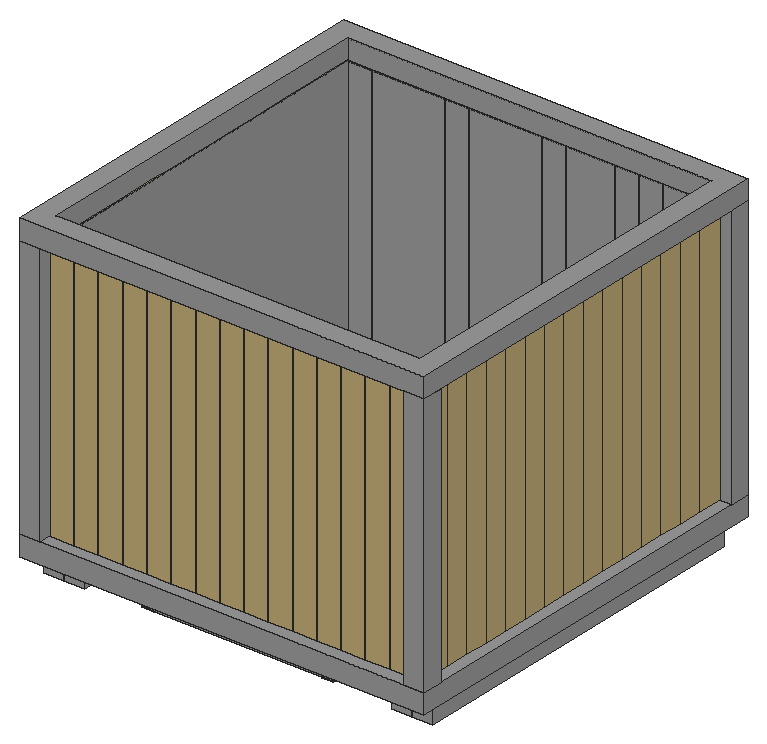
Revit family "L-FUC_식재대_YP-209_예건", category 일반 모델, Revit 2021 (continued)
Definition of nested family "YP-209_base"
  Forms (mm)
    Extrusion 91, solid, detail levels fine
      sketch origin (970, 360.196, 50) x (0, -1, 0) y (0, 0, 1)
        loop
          line (250.196, 700) -> (250.196, 50) -> (310.196, 50) -> (310.196, 700) -> (250.196, 700)
      from 0 to 20
    Extrusion 92, solid, detail levels fine
      sketch origin (970, 420.196, 50) x (0, -1, 0) y (0, 0, 1)
        loop
          line (250.196, 700) -> (250.196, 50) -> (310.196, 50) -> (310.196, 700) -> (250.196, 700)
      from 0 to 20
    Extrusion 93, solid, detail levels fine
      sketch origin (970, 480.196, 50) x (0, -1, 0) y (0, 0, 1)
        loop
          line (250.196, 700) -> (250.196, 50) -> (310.196, 50) -> (310.196, 700) -> (250.196, 700)
      from 0 to 20
    Extrusion 94, solid, detail levels fine
      sketch origin (970, 540.196, 50) x (0, -1, 0) y (0, 0, 1)
        loop
          line (250.196, 700) -> (250.196, 50) -> (310.196, 50) -> (310.196, 700) -> (250.196, 700)
      from 0 to 20
    Extrusion 95, solid, detail levels fine
      sketch origin (970, 600.196, 50) x (0, -1, 0) y (0, 0, 1)
        loop
          line (250.196, 700) -> (250.196, 50) -> (310.196, 50) -> (310.196, 700) -> (250.196, 700)
      from 0 to 20
    Extrusion 96, solid, detail levels fine
      sketch origin (970, 660.196, 50) x (0, -1, 0) y (0, 0, 1)
        loop
          line (250.196, 700) -> (250.196, 50) -> (310.196, 50) -> (310.196, 700) -> (250.196, 700)
      from 0 to 20
    Extrusion 97, solid, detail levels fine
      sketch origin (970, 720.196, 50) x (0, -1, 0) y (0, 0, 1)
        loop
          line (250.196, 700) -> (250.196, 50) -> (310.196, 50) -> (310.196, 700) -> (250.196, 700)
      from 0 to 20
    Extrusion 98, solid, detail levels fine
      sketch origin (970, 780.196, 50) x (0, -1, 0) y (0, 0, 1)
        loop
          line (250.196, 700) -> (250.196, 50) -> (310.196, 50) -> (310.196, 700) -> (250.196, 700)
      from 0 to 20
    Extrusion 99, solid, detail levels fine
      sketch origin (970, 840.196, 50) x (0, -1, 0) y (0, 0, 1)
        loop
          line (250.196, 700) -> (250.196, 50) -> (310.196, 50) -> (310.196, 700) -> (250.196, 700)
      from 0 to 20
    Extrusion 100, solid, detail levels fine
      sketch origin (970, 900.196, 50) x (0, -1, 0) y (0, 0, 1)
        loop
          line (250.196, 700) -> (250.196, 50) -> (310.196, 50) -> (310.196, 700) -> (250.196, 700)
      from 0 to 20
    Extrusion 101, solid, detail levels fine
      sketch origin (970, 960.196, 50) x (0, -1, 0) y (0, 0, 1)
        loop
          line (250.196, 700) -> (250.196, 50) -> (310.196, 50) -> (310.196, 700) -> (250.196, 700)
      from 0 to 20
    Extrusion 102, solid, detail levels fine
      sketch origin (970, 1020.196, 50) x (0, -1, 0) y (0, 0, 1)
        loop
          line (250.196, 700) -> (250.196, 50) -> (310.196, 50) -> (310.196, 700) -> (250.196, 700)
      from 0 to 20
    Extrusion 103, solid, detail levels fine
      sketch origin (970, 1080.196, 50) x (0, -1, 0) y (0, 0, 1)
        loop
          line (250.196, 700) -> (250.196, 50) -> (310.196, 50) -> (310.196, 700) -> (250.196, 700)
      from 0 to 20
    Extrusion 104, solid, detail levels fine
      sketch origin (970, 1140.196, 50) x (0, -1, 0) y (0, 0, 1)
        loop
          line (250.196, 700) -> (250.196, 50) -> (310.196, 50) -> (310.196, 700) -> (250.196, 700)
      from 0 to 20
    Extrusion 105, solid, detail levels fine
      sketch origin (970, 1200.196, 50) x (0, -1, 0) y (0, 0, 1)
        loop
          line (250.196, 700) -> (250.196, 50) -> (310.196, 50) -> (310.196, 700) -> (250.196, 700)
      from 0 to 20
    Extrusion 106, solid, detail levels coarse+medium
      sketch origin (50, 360.196, 50) x (0, -1, 0) y (0, 0, 1)
        loop
          line (-589.804, 700) -> (-589.804, 50) -> (310.196, 50) -> (310.196, 700) -> (-589.804, 700)
      from 0 to 20
    Extrusion 107, solid, detail levels coarse+medium
      sketch origin (970, 360.196, 50) x (0, -1, 0) y (0, 0, 1)
        loop
          line (-589.804, 700) -> (-589.804, 50) -> (310.196, 50) -> (310.196, 700) -> (-589.804, 700)
      from 0 to 20
    Extrusion 108, solid, detail levels coarse+medium
      sketch origin (639.804, 971.2, 50) x (1, 0, 0) y (0, 0, 1)
        loop
          line (-589.804, 700) -> (-589.804, 50) -> (310.196, 50) -> (310.196, 700) -> (-589.804, 700)
      from 0 to 20
  Dimensions and locks
    aligned and locked: level to plane 2
